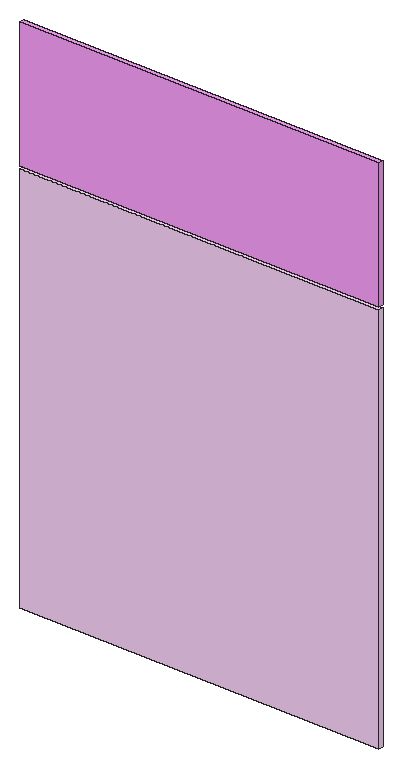
Revit family "EXP_WT-1A_CPan-020", category Curtain Panels, Revit 2021
Family settings
  OmniClass Number = 23.25.20.14.11.11.17
  OmniClass Title = Infill Panels
  Always vertical = Yes
  Cut with Voids When Loaded = No
  Shared = No
Parameters (values of type "H2 = 9'  8"")
  codifica [instance] = 900000
  UI-UnitNumber [instance] = "001"
  UI-Quadrant [instance] = "SE"
  UI-ProjectAbbreviation = "NEU"
  UI-ItemCategory = "PID"
  UI-FloorNumber [instance] = "03"
  PNT-WallType = "WT1A"
  PNT-ProjectAbbreviation = "NEU"
  PNT-PanelType [instance] = "01"
  PNT-ItemCategory = "PNL"
  GlassSPH2(x2) [instance] = 0' - 1 1/8"
  GlassSPH1 [instance] = 0' - 1 1/8"
  GlassH2 [instance] = IG-1F(Glass)
  GlassH1 [instance] = IG-3F(Glass)
  Define Thermal Properties by = Schematic Type
  CellSp = 0' - 10 3/16"
  CellL [instance] = 8' - 10"
  CellH2 = 9' - 8"
  CellH1 [instance] = CellH - CellH2  # 3' - 3"
  CellH [instance] = 12' - 11"
  Analytic Construction = "<None>"
Reference planes (in)
  plane 1 "Center (Front/Back)": y = 0
  plane 2: z = 0
  plane 3 "Center (Left/Right)": x = 0
  plane 4 "Left": x = -53
  plane 5 "Right": x = 53
  plane 6 "Top": z = 155
  plane 7: z = 116
  plane 8: y = -10.1875
Forms (in)
  Extrusion 1, solid, material "IG-1F(Glass)" <- "GlassH2", detail levels coarse+medium
    sketch origin (0, 0, 0) x (0, 1, 0) y (0, 0, 1)
      loop
        line (-10.1875, 116) -> (-10.1875, 0) -> (0, 0) -> (0, 116) -> (-10.1875, 116)
    from -53 to 53
  Extrusion 2, solid, material "IG-3F(Glass)" <- "GlassH1", detail levels coarse+medium
    sketch origin (0, 0, 0) x (0, 1, 0) y (0, 0, 1)
      loop
        line (-10.1875, 155) -> (-10.1875, 116) -> (0, 116) -> (0, 155) -> (-10.1875, 155)
    from -53 to 53
Text (in)
  text "Exterior" at (-92.59733, 55.75508, 0), in view "Ref. Level"
  text "Exterior" at (0, 90.18664, 173.49264), in view "Left"
  text "Exterior" at (0, 52.29083, 162.21847), in view "Right"
Dimensions and locks (in)
  equal spacing: plane 4 "Left", plane 3 "Center (Left/Right)", plane 5 "Right"  (x2)
  "CellH2": plane 2 to plane 7
  "CellH1": plane 7 to plane 6 "Top"
  Extrusion 2 sketch curve to Extrusion 2 sketch curve = 0' - 10 3/16"
  "CellL": plane 4 "Left" to plane 5 "Right"
  "CellH": plane 2 to plane 6 "Top"
  "CellSp": plane 8 to plane 1 "Center (Front/Back)"
  aligned and locked: level to plane 2
  aligned and locked: Extrusion 1 sketch curve to plane 7
  aligned and locked: plane 8 to Extrusion 1 sketch curve
  aligned and locked: level to Extrusion 1 sketch curve
  aligned and locked: plane 1 "Center (Front/Back)" to Extrusion 1 sketch curve
  aligned and locked: plane 4 "Left" to Extrusion 1
  aligned and locked: Extrusion 1 to plane 5 "Right"
  aligned and locked: plane 6 "Top" to Extrusion 2 sketch curve
  aligned and locked: plane 8 to Extrusion 2 sketch curve
  aligned and locked: Extrusion 2 to plane 5 "Right"
  aligned and locked: plane 4 "Left" to Extrusion 2
  aligned and locked: Extrusion 2 to plane 1 "Center (Front/Back)"
  aligned and locked: nested 1 to Extrusion 1  (x2)
  aligned and locked: nested 1 to plane 5 "Right"
  aligned and locked: nested 2 to Extrusion 2  (x2)
  aligned and locked: nested 2 to level
  aligned and locked: plane 1 "Center (Front/Back)" to nested 3
  aligned and locked: plane 5 "Right" to nested 3
  aligned and locked: plane 4 "Left" to nested 3
  aligned and locked: Extrusion 2 to plane 6 "Top"
  aligned and locked: Extrusion 1 to level
  aligned and locked: plane 1 "Center (Front/Back)" to nested 4
  aligned and locked: plane 7 to nested 4
  aligned and locked: plane 4 "Left" to nested 4
  aligned and locked: plane 5 "Right" to nested 4
  aligned and locked: plane 2 to nested 4
  aligned and locked: plane 1 "Center (Front/Back)" to nested 5
  aligned and locked: nested 5 to plane 6 "Top"
  aligned and locked: plane 7 to nested 5
  aligned and locked: plane 5 "Right" to nested 5
  aligned and locked: plane 4 "Left" to nested 5
Automatic sketch dimensions
  Extrusion 2 sketch curve to plane 7 = 0' - 0"
Nested families (in)
  nested 1: "EXP_WT-1A_DetO-001" at (-53, 0, 0), type "EXP_WT-1A_DetO-001"
    with built-in parameter 1001306 8.8333 (stored number, unit not read)
  nested 2: "EXP_WT-1A_DetO-003" at (0, 0, 155) x (0, 0, -1) z (1, 0, 0), CellH1 <- "CellH1", CellH2 <- "CellH2", type "EXP_WT-1A_DetO-003"
    with built-in parameter 1001306 12.917 (stored number, unit not read), CellH1 3' - 3"
  nested 3: "EXP_xx_DetO-002" at (0, 0, 0), CellH <- "CellH", CellL <- "CellL", type "EXP_xx_DetO-002", detail levels coarse
    with CellL 8' - 10", CellH 12' - 11"
  nested 4: "EXP_WT-1x_IG-001" at (0, 0, 58), MaterialGlass <- "GlassH2", GlassSP <- "GlassSPH2(x2)", type "GlassSP = H2(x2)", detail levels fine
    with MaterialGlass IG-1F(Glass), GlassSP 0' - 1 1/8", GlassL 8' - 8.12598", GlassH 9' - 6.06299", CellL 8' - 10", CellH 9' - 8"
  nested 5: "EXP_WT-1x_IG-001" at (0, 0, 135.5), MaterialGlass <- "GlassH1", GlassSP <- "GlassSPH1", type "GlassSP = H1", detail levels fine
    with MaterialGlass IG-3F(Glass), GlassSP 0' - 1 1/8", GlassL 8' - 8.12549", GlassH 3' - 1 5/16", CellL 8' - 10", CellH 3' - 3"
Definition of nested family "EXP_WT-1x_IG-001"
  Parameters (values of type "H2 _ GlassSP = 1 1/4"")
    MaterialGlass [instance] = none
    GlassSP [instance] = 0' - 1 1/4"
    GlassL [instance] = CellL - (GlassD1 + GlassD3)  # 3' - 10.94439"
    GlassH [instance] = CellH - (GlassD2 + GlassD4)  # 6' - 6.64788"
    GlassD4 = 0' - 1.43701"
    GlassD3 = 0' - 0.93701"
    GlassD2 = 0' - 0 1/2"
    GlassD1 = 0' - 0 15/16"
    GMPI-ProjectAbbreviation = "NEU"
    GMPI-IteamCategory = "GLS"
    Default Elevation = 0' - 0"
    CellL [instance] = 4' - 0.8189"
    CellH [instance] = 6' - 8.58489"
  Types (12): name | GlassSP | GlassL | GlassH | GlassD4 | GlassD2 | GlassD1
    H2(x2) _ GlassSP = 2 1/8" | 0' - 2.12598" | 3' - 10.94488" | 6' - 6.64788" | 0' - 1.43701" | 0' - 0 1/2" | 0' - 0.93701"
    H1 _ GlassSP = 1 1/4" | 0' - 1 1/4" | 3' - 10.94439" | 6' - 6.89739" | 0' - 0 1/4" | 0' - 1 7/16" | 0' - 0 15/16"
    H2(x3) _ GlassSP = 2 1/8" | 0' - 2.12598" | 3' - 10.94488" | 6' - 7.83489" | 0' - 0 1/4" | 0' - 0 1/2" | 0' - 0.93701"
    H3 _ GlassSP = 1 1/4" | 0' - 1 1/4" | 3' - 10.94439" | 6' - 6.64788" | 0' - 1.43701" | 0' - 0 1/2" | 0' - 0 15/16"
    H _ GlassSP = 2 1/8" | 0' - 2.12598" | 3' - 10.94488" | 6' - 5.71088" | 0' - 1.43701" | 0' - 1.43701" | 0' - 0.93701"
    H _ GlassSP = 1 1/4" | 0' - 1 1/4" | 3' - 10.94439" | 6' - 5.71088" | 0' - 1.43701" | 0' - 1.43701" | 0' - 0 15/16"
    H2 _ GlassSP = 1 1/4" | 0' - 1 1/4" | 3' - 10.94439" | 6' - 6.64788" | 0' - 1.43701" | 0' - 0 1/2" | 0' - 0 15/16"
    GlassSP = H | 0' - 1 1/4" | 3' - 10.94439" | 6' - 5.71088" | 0' - 1.43701" | 0' - 1.43701" | 0' - 0 15/16"
    GlassSP = H3 | 0' - 1 1/4" | 3' - 10.94439" | 6' - 6.64788" | 0' - 1.43701" | 0' - 0 1/2" | 0' - 0 15/16"
    GlassSP = H2(x3) | 0' - 2.12598" | 3' - 10.94488" | 6' - 7.83489" | 0' - 0 1/4" | 0' - 0 1/2" | 0' - 0.93701"
    GlassSP = H2(x2) | 0' - 2.12598" | 3' - 10.94488" | 6' - 6.64788" | 0' - 1.43701" | 0' - 0 1/2" | 0' - 0.93701"
    GlassSP = H1 | 0' - 1 1/4" | 3' - 10.94439" | 6' - 6.89739" | 0' - 0 1/4" | 0' - 1 7/16" | 0' - 0 15/16"
  Reference planes (in)
    plane 1 "Center (Front/Back)": y = 0
    plane 2: z = 0
    plane 3 "Center (Left/Right)": x = 0
    plane 4: x = -24.40945
    plane 5: x = 24.40945
    plane 6: z = 40.29245
    plane 7: x = -23.47195
    plane 8: x = 23.47244
    plane 9: z = -40.29245
    plane 10: z = 39.79245
    plane 11: z = -38.85544
  Forms (in)
    Extrusion 1, solid, material <- "MaterialGlass"
      sketch origin (0, 0, 0) x (1, 0, 0) y (0, 0, 1)
        loop
          line (-23.47195, -38.85544) -> (23.47244, -38.85544) -> (23.47244, 39.79245) -> (-23.47195, 39.79245) -> (-23.47195, -38.85544)
      from 0 to 1.25 <- "GlassSP"
  Dimensions and locks (in)
    equal spacing: plane 6, level, plane 9
    "CellH": plane 6 to plane 9
    "GlassD2": plane 6 to plane 10
    "GlassD4": plane 11 to plane 9
    equal spacing: plane 4, plane 3 "Center (Left/Right)", plane 5
    "CellL": plane 4 to plane 5
    "GlassD1": plane 4 to plane 7
    "GlassD3": plane 5 to plane 8
    aligned and locked: level to plane 2
    aligned and locked: Extrusion 1 sketch curve to plane 11
    aligned and locked: Extrusion 1 sketch curve to plane 7
    aligned and locked: plane 10 to Extrusion 1 sketch curve
    aligned and locked: plane 8 to Extrusion 1 sketch curve
Definition of nested family "EXP_WT-1A_DetO-001"
  Parameters (values of type "EXP_WT-1A_DetO-001")
    built-in parameter 1001306 [instance] = 5' - 2.99213"
  Reference planes (in)
    plane 1 "Center (Front/Back)": y = 0
    plane 2: z = 0
    plane 3 "Left": x = 0
    plane 4 "Right": x = 62.99213
  Lines and regions (in)
    reference lines, in view "Ref. Level"
      curve 1: line (0, 0, 0) -> (62.99213, 0, 0)
    detail lines, in view "Ref. Level"
      curve 2: line (0.25, 0, 0) -> (0.5458, 0, 0)
      curve 3: line (0.25, 0, 0) -> (0.5458, 0, 0)
      curve 4: line (62.99213, -0.81795, 0) -> (62.99213, -10.1875, 0)
      curve 5: line (62.99213, -10.1875, 0) -> (60.99213, -10.1875, 0)
      curve 6: line (60.99213, -10.1875, 0) -> (60.99213, -2.43678, 0)
      curve 7: line (60.99213, -2.43678, 0) -> (62.44632, -2.43678, 0)
      curve 8: line (62.44632, -2.43678, 0) -> (62.44632, 0, 0)
      curve 9: line (62.44632, 0, 0) -> (62.74213, 0, 0)
      curve 10: line (62.74213, 0, 0) -> (62.74213, -0.81795, 0)
      curve 11: line (62.99213, -0.81795, 0) -> (62.74213, -0.81795, 0)
      curve 12: line (0.25, 0, 0) -> (0.25, -0.81795, 0)
      curve 13: line (0.25, 0, 0) -> (0.5458, 0, 0)
      curve 14: line (0, -0.81795, 0) -> (0.25, -0.81795, 0)
      curve 15: line (0, -0.81795, 0) -> (0, -10.1875, 0)
      curve 16: line (2, -10.1875, 0) -> (0, -10.1875, 0)
      curve 17: line (2, -2.43676, 0) -> (2, -10.1875, 0)
      curve 18: line (0.5458, -2.43676, 0) -> (2, -2.43676, 0)
      curve 19: line (0.5458, -2.43676, 0) -> (0.5458, 0, 0)
      curve 20: line (0.94241, 0, 0) -> (62.04971, 0, 0)
      curve 21: line (0.94241, -1.31, 0) -> (0.94241, 0, 0)
      curve 22: line (0.94241, -1.31, 0) -> (62.04971, -1.31, 0)
      curve 23: line (62.04971, -1.31, 0) -> (62.04971, 0, 0)
  Dimensions and locks (in)
    "built-in parameter 1001306": plane 3 "Left" to plane 4 "Right"
    aligned and locked: plane 1 "Center (Front/Back)" to curve 1
    aligned and locked: plane 3 "Left" to curve 1
    aligned and locked: plane 4 "Right" to curve 1
    aligned and locked: curve 4 to plane 4 "Right"
    aligned and locked: curve 1 to curve 13
    aligned and locked: curve 15 to plane 3 "Left"
    aligned and locked: curve 1 to curve 20
    aligned and locked: curve 5 to curve 16
  Automatic sketch dimensions
    plane 1 "Center (Front/Back)" to curve 9 = 0' - 0"
    curve 2 to curve 2 = 0' - 0.2958"
    curve 7 to plane 4 "Right" = 0' - 2"
    curve 9 to plane 4 "Right" = 0' - 0.5458"
    curve 10 to curve 4 = 0' - 0 1/4"
    plane 1 "Center (Front/Back)" to curve 4 = 0' - 0.81795"
    curve 7 to curve 10 = 0' - 1.61883"
    curve 5 to curve 7 = 0' - 7.75072"
    plane 1 "Center (Front/Back)" to curve 15 = 0' - 0.81795"
    plane 3 "Left" to curve 16 = 0' - 2"
    curve 17 to curve 12 = 0' - 1.61881"
    plane 3 "Left" to curve 20 = 0' - 0.94241"
    curve 23 to curve 10 = 0' - 0.69242"
    curve 23 to curve 10 = 0' - 0.49205"
    plane 3 "Left" to curve 14 = 0' - 0 1/4"
Definition of nested family "EXP_WT-1A_DetO-003"
  Parameters (values of type "EXP_WT-1A_DetO-003")
    built-in parameter 1001306 [instance] = 12' - 11"
    CellH2 [instance] = 9' - 8"
    CellH1 [instance] = 3' - 3"
    CellH [instance] = 12' - 11"
  Reference planes (in)
    plane 1 "Center (Front/Back)": y = 0
    plane 2: z = 0
    plane 3 "Left": x = 0
    plane 4 "Right": x = 155
    plane 5: x = 39
  Lines and regions (in)
    reference lines, in view "Ref. Level"
      curve 1: line (0, 0, 0) -> (155, 0, 0)
    detail lines, in view "Ref. Level"
      curve 2: line (37.25001, -10.1875, 0) -> (37.25001, -2.41263, 0)
      curve 3: line (37.25001, -2.41263, 0) -> (40.74999, -2.41263, 0)
      curve 4: line (40.74999, -2.41263, 0) -> (40.74999, -10.1875, 0)
      curve 5: line (40.74999, -10.1875, 0) -> (37.25001, -10.1875, 0)
      curve 6: line (39.27639, -2.185, 0) -> (39.27639, 0, 0)
      curve 7: line (39.27639, 0, 0) -> (153.80789, 0, 0)
      curve 8: line (153.80789, -2.185, 0) -> (39.27639, -2.185, 0)
      curve 9: line (38.52639, -1.31, 0) -> (38.52639, 0, 0)
      curve 10: line (38.52639, 0, 0) -> (1.19241, 0, 0)
      curve 11: line (38.52639, -1.31, 0) -> (1.19241, -1.31, 0)
      curve 12: line (0, -10.1875, 0) -> (2.125, -10.1875, 0)
      curve 13: line (0, -0.81812, 0) -> (0, -10.1875, 0)
      curve 14: line (0.5, 0, 0) -> (0.5, -0.81812, 0)
      curve 15: line (0.5, 0, 0) -> (0.7958, 0, 0)
      curve 16: line (0, -0.81812, 0) -> (0.5, -0.81812, 0)
      curve 17: line (0.7958, -2.43676, 0) -> (0.7958, 0, 0)
      curve 18: line (2.125, -2.43676, 0) -> (0.7958, -2.43676, 0)
      curve 19: line (2.125, -10.1875, 0) -> (2.125, -2.43676, 0)
      curve 20: line (1.19241, -1.31, 0) -> (1.19241, 0, 0)
      curve 21: line (155, 60, 0) -> (155, -10.1875, 0)
      curve 22: line (155, -10.1875, 0) -> (151.625, -10.1875, 0)
      curve 23: line (151.625, -10.1875, 0) -> (151.625, -2.43679, 0)
      curve 24: line (151.625, -2.43679, 0) -> (154.2042, -2.43679, 0)
      curve 25: line (154.2042, -2.43679, 0) -> (154.2042, 0, 0)
      curve 26: line (154.5, 0, 0) -> (154.5, -0.81812, 0)
      curve 27: line (154.2042, 0, 0) -> (154.5, 0, 0)
      curve 28: line (155, -0.81812, 0) -> (154.5, -0.81812, 0)
      curve 29: line (155, -0.81812, 0) -> (155, -10.1875, 0)
      curve 30: line (153.80789, -2.185, 0) -> (153.80789, 0, 0)
  Dimensions and locks (in)
    "built-in parameter 1001306": plane 3 "Left" to plane 4 "Right"
    "CellH": plane 3 "Left" to plane 4 "Right"
    "CellH2": plane 5 to plane 4 "Right"
    "CellH1": plane 3 "Left" to plane 5
    aligned and locked: plane 1 "Center (Front/Back)" to curve 1
    aligned and locked: plane 3 "Left" to curve 1
    aligned and locked: plane 4 "Right" to curve 1
    aligned and locked: curve 1 to curve 7
    aligned and locked: curve 10 to plane 1 "Center (Front/Back)"
    aligned and locked: curve 13 to plane 3 "Left"
    aligned and locked: curve 1 to curve 15
    aligned and locked: curve 21 to plane 4 "Right"
    aligned and locked: curve 29 to plane 4 "Right"
    aligned and locked: curve 5 to curve 12
    aligned and locked: curve 22 to curve 5
  Automatic sketch dimensions
    plane 5 to curve 3 = 0' - 1 3/4"
    plane 1 "Center (Front/Back)" to curve 3 = 0' - 2.41263"
    curve 5 to plane 5 = 0' - 1 3/4"
    plane 5 to curve 6 = 0' - 0.27639"
    curve 6 to curve 6 = 0' - 2.185"
    curve 9 to plane 5 = 0' - 0.47361"
    plane 1 "Center (Front/Back)" to curve 13 = 0' - 0.81812"
    plane 3 "Left" to curve 14 = 0' - 0 1/2"
    curve 14 to curve 17 = 0' - 0.2958"
    curve 17 to curve 18 = 0' - 1.3292"
    curve 18 to curve 14 = 0' - 1.61864"
    curve 14 to curve 20 = 0' - 0.69242"
    curve 20 to curve 14 = 0' - 0.49188"
    curve 21 to plane 1 "Center (Front/Back)" = 5' - 0"
    curve 24 to curve 24 = 0' - 2.5792"
    plane 1 "Center (Front/Back)" to curve 27 = 0' - 0"
    curve 25 to curve 26 = 0' - 0.2958"
    curve 28 to curve 28 = 0' - 0 1/2"
    curve 30 to curve 24 = 0' - 0.39631"
    curve 24 to curve 30 = 0' - 0.25179"
    plane 1 "Center (Front/Back)" to curve 26 = 0' - 0.81812"
    curve 22 to curve 24 = 0' - 7.75071"
Definition of nested family "EXP_xx_DetO-002"
  Parameters (values of type "EXP_xx_DetO-002")
    Default Elevation = 0' - 0"
    CellL [instance] = 5' - 4.56693"
    CellH [instance] = 5' - 2.99213"
  Reference planes (in)
    plane 1 "Center (Front/Back)": y = 0
    plane 2: z = 0
    plane 3 "Center (Left/Right)": x = 0
    plane 4: x = -32.28346
    plane 5: x = 32.28346
    plane 6: z = 62.99213
  Lines and regions (in)
    model lines
      curve 1: line (-32.28346, 0, 62.99213) -> (32.28346, 0, 0)
      curve 2: line (32.28346, 0, 62.99213) -> (-32.28346, 0, 0)
  Dimensions and locks (in)
    "CellH": plane 6 to level
    equal spacing: plane 4, plane 3 "Center (Left/Right)", plane 5
    "CellL": plane 4 to plane 5
    aligned and locked: level to plane 2
  Automatic sketch dimensions
    curve 2 to level = 0' - 0"
    plane 4 to curve 2 = 0' - 0"
    plane 4 to curve 1 = 0' - 0"
    plane 5 to curve 2 = 0' - 0"
    curve 1 to level = 0' - 0"
    plane 5 to curve 1 = 0' - 0"
    curve 2 to plane 6 = 0' - 0"
    curve 1 to plane 6 = 0' - 0"
